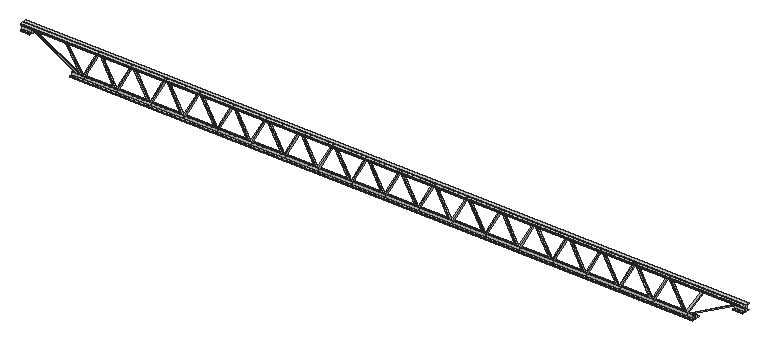
Revit family
Parameters (values of type "12K1")
  시작 간격띄우기 [instance] = 0 mm
  M = 7.4
  웹 두께 = 9.5 mm
  좌석 길이 = 100 mm
  좌석 깊이 = 63.5 mm
  렌더링 재료 = none
  PanelWidth [instance] = 깊이 * 1.155  # 352.275 mm
  PanelArrayNum [instance] = PanelArrayLength / PanelWidth  # 18
  PanelArrayLength [instance] = Length - (2 * 끝 패널)  # 6180 mm
  패널 [instance] = PanelArrayLength / PanelArrayNum  # 343.333 mm
  시작 확장 [instance] = 0 mm
  끝 패널 = 2 * 깊이  # 610 mm
  끝 간격띄우기 [instance] = 0 mm
  끝 확장 [instance] = 0 mm
  현재 다리 = 32 mm
  현재 두께 = 6.5 mm
  Assembly Code = ""
  Length [instance] = 7400 mm
  깊이 = 305 mm
Types (3, lengths in mm): name | M | PanelWidth | PanelArrayNum | PanelArrayLength | 패널 | 끝 패널 | 깊이
  (no name) | 7.4 | 352.275 | 18 | 6180 | 343.333 | 610 | 305
  12K1 | 7.4 | 352.275 | 18 | 6180 | 343.333 | 610 | 305
  8K1 | 7.6 | 234.465 | 28 | 6588 | 235.286 | 406 | 203
Reference planes
  plane 1 "중심(앞/뒤)": y = 0
  plane 2: z = 0
  plane 3 "중심(왼쪽/오른쪽)": x = 4.61
  plane 4 "왼쪽 부재": x = -2027.39
  plane 5 "오른쪽 부재": x = 2036.61
  plane 6: y = 36.75
  plane 7: y = -36.75
  plane 8: z = 152.5
  plane 9: z = -152.5
  plane 10 "왼쪽": x = -3695.39
  plane 11 "기호를 왼쪽에 부착": x = -1976.59
  plane 12 "기호를 오른쪽에 부착": x = 1985.81
  plane 13 "오른쪽": x = 3704.61
  plane 14: z = 89
  plane 15: x = -3695.39
  plane 16: x = -3595.39
  plane 17: x = -3085.39
  plane 18: x = -3185.39
  plane 19: x = 3704.61
  plane 20: x = 3604.61
  plane 21: x = 3094.61
  plane 22: y = 4.75
  plane 23: y = -4.75
  plane 24: z = 120.5
  plane 25: z = -120.5
  plane 26: x = 3194.61
  plane 27: x = -3257.057
  plane 28: x = -2913.723
  plane 29: x = 2922.943
  plane 30: x = 3266.277
  plane 31: z = -146.15
  plane 32: z = 146.15
  plane 33: z = 82.55
  plane 34: x = -3695.39
  plane 35: x = 3704.61
Forms (mm)
  Extrusion 1, solid, material <- "렌더링 재료", detail levels medium+fine
    sketch origin (4.61, 0, 0) x (0, 1, 0) y (0, 0, 1)
      loop
        line (36.75, 152.5) -> (4.75, 152.5) -> (4.75, 120.5) -> (11.25, 120.5) -> (11.25, 146) -> (36.75, 146) -> (36.75, 152.5)
      loop
        line (-36.75, 152.5) -> (-36.75, 146) -> (-11.25, 146) -> (-11.25, 120.5) -> (-4.75, 120.5) -> (-4.75, 152.5) -> (-36.75, 152.5)
    from -3700 to 3700
  Extrusion 2, solid, material <- "렌더링 재료", detail levels medium+fine
    sketch origin (4.61, 0, 0) x (0, 1, 0) y (0, 0, 1)
      loop
        line (4.75, -120.5) -> (4.75, -152.5) -> (36.75, -152.5) -> (36.75, -146) -> (11.25, -146) -> (11.25, -120.5) -> (4.75, -120.5)
      loop
        line (-4.75, -120.5) -> (-11.25, -120.5) -> (-11.25, -146) -> (-36.75, -146) -> (-36.75, -152.5) -> (-4.75, -152.5) -> (-4.75, -120.5)
    from -3190 to 3190
  Extrusion 3, solid, material <- "렌더링 재료", detail levels medium+fine
    sketch origin (4.61, 0, 0) x (0, 1, 0) y (0, 0, 1)
      loop
        line (36.75, 89) -> (36.75, 95.5) -> (11.25, 95.5) -> (11.25, 120.5) -> (4.75, 120.5) -> (4.75, 89) -> (36.75, 89)
      loop
        line (-36.75, 89) -> (-4.75, 89) -> (-4.75, 120.5) -> (-11.25, 120.5) -> (-11.25, 95.5) -> (-36.75, 95.5) -> (-36.75, 89)
    from 3600 to 3700
  Extrusion 4, solid, material <- "렌더링 재료", detail levels medium+fine
    sketch origin (4.61, 0, 0) x (0, 1, 0) y (0, 0, 1)
      loop
        line (-36.75, 89) -> (-4.75, 89) -> (-4.75, 120.5) -> (-11.25, 120.5) -> (-11.25, 95.5) -> (-36.75, 95.5) -> (-36.75, 89)
      loop
        line (4.75, 89) -> (36.75, 89) -> (36.75, 95.5) -> (11.25, 95.5) -> (11.25, 120.5) -> (4.75, 120.5) -> (4.75, 89)
    from -3700 to -3600
  Sweep 5, solid, material <- "렌더링 재료", detail levels fine
    path origin (0, 0, 0) x (1, 0, 0) y (0, 0, 1)
      loop
        line (-3277.014, 133.45) -> (-3264.314, 133.45) -> (-3085.39, -146.15)
    profile origin (-3270.664, 0, 133.45) x (0, 0, 1) y (0, -1, 0)
      loop
        line (10.007, -4.763) -> (10.007, 0) -> (-9.043, 0) -> (-9.043, -4.763) -> (10.007, -4.763)
  Sweep 6, solid, material <- "렌더링 재료", detail levels fine
    path origin (0, 0, 0) x (1, 0, 0) y (0, 0, 1)
      loop
        line (-3085.39, -146.15) -> (-3595.39, 120.5) -> (-3695.39, 120.5)
    profile "웹-프로파일1 : 웹-프로파일1" origin (-3645.39, 0, 120.5) x (0, 0, -1) y (0, -1, 0)
      loop
        line (-4.75, 4.75) -> (-4.75, -4.75) -> (4.75, -4.75) -> (4.75, 4.75) -> (-4.75, 4.75)
  Sweep 7, solid, material <- "렌더링 재료", detail levels fine
    path origin (0, 0, 0) x (1, 0, 0) y (0, 0, 1)
      loop
        line (3604.61, 120.5) -> (3094.61, -146.15)
    profile "웹-프로파일1 : 웹-프로파일1" origin (3349.61, 0, -12.825) x (0.463335, 0, -0.886183) y (0, -1, 0)
      loop
        line (-4.75, 4.75) -> (-4.75, -4.75) -> (4.75, -4.75) -> (4.75, 4.75) -> (-4.75, 4.75)
  Sweep 8, solid, material <- "렌더링 재료", detail levels fine
    path origin (0, 0, 0) x (1, 0, 0) y (0, 0, 1)
      loop
        line (3266.277, 120.5) -> (3094.61, -146.15)
    profile origin (3180.443, 0, -12.825) x (0.840821, 0, -0.541313) y (0, -1, 0)
      loop
        line (-10.565, 0) -> (-10.565, -4.763) -> (8.485, -4.763) -> (8.485, 0) -> (-10.565, 0)
Lines and regions (mm)
  symbolic lines, style "StructuralFraming", detail levels coarse
    curve 1: line (0, 36.75, 152.5) -> (0, 4.75, 152.5)
    curve 2: line (0, -36.75, -152.5) -> (0, -4.75, -152.5)
    curve 14: line (0, 4.75, -152.5) -> (0, 36.75, -152.5)
    curve 15: line (4.61, 4.75, -152.5) -> (4.61, 4.75, -120.5)
    curve 16: line (4.61, -4.75, -152.5) -> (4.61, -4.75, -120.5)
    curve 17: line (4.61, -4.75, 152.5) -> (4.61, -4.75, 120.5)
    curve 18: line (4.61, 4.75, 152.5) -> (4.61, 4.75, 120.5)
    curve 19: line (0, -4.75, 152.5) -> (0, -36.75, 152.5)
  symbolic lines, style "StructuralFraming", detail levels coarse+medium
    curve 3: line (0, 0, -152.5) -> (0, 0, 152.5)
  reference lines
    curve 4: line (-1876.59, 0, -276.008) -> (-1876.59, 0, 232.192)
    curve 5: line (-1266.59, 0, -282.358) -> (-1266.59, 0, 232.192)
    curve 7: line (1885.81, 0, -223.088) -> (1885.81, 0, 234.312)
    curve 8: line (1275.81, 0, -350.088) -> (1275.81, 0, 234.312)
  model lines, style "웹 조이스트", detail levels coarse
    curve 6: line (-1876.59, 0, 152.5) -> (-1266.59, 0, -152.5)
    curve 9: line (1885.81, 0, 152.5) -> (1275.81, 0, -152.5)
    curve 10: line (1275.81, 0, -152.5) -> (-1266.59, 0, -152.5)
    curve 11: line (1985.81, 0, 152.5) -> (-1976.59, 0, 152.5)
  model lines, style "StructuralFraming", detail levels medium
    curve 12: line (-3085.39, 0, -146.15) -> (-3256.027, 0, 120.5)
    curve 13: line (3266.277, 0, 120.5) -> (3094.61, 0, -146.15)
  symbolic lines, detail levels fine
    curve 20: line (4.61, 4.75, 146.15) -> (4.61, -4.75, 146.15)
    curve 21: line (4.61, 4.75, -146.15) -> (4.61, -4.75, -146.15)
    curve 22: line (4.61, 4.75, -120.5) -> (4.61, 4.75, 120.5)
    curve 23: line (4.61, -4.75, -120.5) -> (4.61, -4.75, 120.5)
  model lines, detail levels medium
    curve 24: line (3604.61, 0, 120.5) -> (3094.61, 0, -146.15)
    curve 25: line (-3595.39, 0, 120.5) -> (-3085.39, 0, -146.15)
Dimensions and locks
  equal spacing: plane 9, plane 2, plane 8
  "Length": plane 10 "왼쪽" to plane 13 "오른쪽"
  equal spacing: plane 10 "왼쪽", plane 3 "중심(왼쪽/오른쪽)", plane 13 "오른쪽"
  "좌석 길이": curve 4 to plane 11 "기호를 왼쪽에 부착"
  "끝 패널": curve 5 to curve 4
  "좌석 길이": curve 7 to plane 12 "기호를 오른쪽에 부착"
  "끝 패널": curve 7 to curve 8
  "깊이": plane 9 to plane 8
  "좌석 깊이": plane 8 to plane 14
  locked: plane 18 to plane 17 at 100
  "끝 패널": plane 10 "왼쪽" to plane 17
  "끝 패널": plane 13 "오른쪽" to plane 21
  "웹 두께": plane 22 to plane 23
  equal spacing: plane 22, plane 1 "중심(앞/뒤)", plane 23
  "현재 다리": plane 23 to plane 7
  "현재 다리": plane 6 to plane 22
  "현재 다리": plane 9 to plane 25
  "현재 다리": plane 24 to plane 8
  "현재 두께": plane 8 to Extrusion 1 sketch curve
  "현재 두께": Extrusion 1 sketch curve to plane 8
  "현재 두께": plane 23 to Extrusion 1 sketch curve
  "현재 두께": Extrusion 1 sketch curve to plane 22
  "현재 두께": plane 9 to Extrusion 2 sketch curve  (x2)
  "현재 두께": Extrusion 2 sketch curve to plane 22
  "현재 두께": plane 23 to Extrusion 2 sketch curve
  locked: plane 21 to plane 26 at 100
  "현재 두께": plane 14 to Extrusion 3 sketch curve  (x2)
  "현재 두께": plane 23 to Extrusion 3 sketch curve
  "현재 두께": Extrusion 3 sketch curve to plane 22
  "현재 두께": plane 14 to Extrusion 4 sketch curve  (x2)
  "현재 두께": Extrusion 4 sketch curve to plane 22
  "현재 두께": plane 23 to Extrusion 4 sketch curve
  "패널": plane 28 to plane 27
  equal spacing: plane 28, plane 17, plane 27
  "패널": plane 29 to plane 30
  equal spacing: plane 29, plane 21, plane 30
  equal spacing: Sweep 5 sketch curve, curve 4, Sweep 5 sketch curve
  Sweep 5 sketch curve to Sweep 5 sketch curve = 4.763 mm
  locked: plane 31 to plane 9 at 6.35
  locked: plane 8 to plane 32 at 6.35
  locked: plane 8 to Sweep 5 sketch curve at 19.05
  equal spacing: group 1, group 3, group 4, group 5, group 6, group 7, group 8, group 9, group 10, group 11, group 12, group 13, group 14, group 15, group 16, group 17, group 18, group 2  (x3)
  "좌석 길이": plane 34 to plane 16
  "시작 간격띄우기": plane 10 "왼쪽" to plane 34
  "시작 확장": plane 15 to plane 34
  "끝 간격띄우기": plane 35 to plane 13 "오른쪽"
  "좌석 길이": plane 35 to plane 20
  "끝 확장": plane 35 to plane 19
  aligned and locked: curve 10 to plane 9
  aligned and locked: curve 4 to curve 6
  aligned and locked: plane 11 "기호를 왼쪽에 부착" to curve 11
  aligned and locked: plane 12 "기호를 오른쪽에 부착" to curve 11
  aligned and locked: curve 8 to curve 10
  aligned and locked: plane 8 to Extrusion 1 sketch curve
  aligned and locked: Extrusion 1 sketch curve to plane 8
  aligned and locked: plane 6 to Extrusion 1 sketch curve
  aligned and locked: plane 7 to Extrusion 1 sketch curve
  aligned and locked: Extrusion 1 sketch curve to plane 24
  aligned and locked: plane 24 to Extrusion 1 sketch curve
  aligned and locked: plane 19 to Extrusion 1
  aligned and locked: plane 15 to Extrusion 1
  aligned and locked: plane 9 to Extrusion 2 sketch curve
  aligned and locked: Extrusion 2 sketch curve to plane 9
  aligned and locked: plane 6 to Extrusion 2 sketch curve
  aligned and locked: plane 7 to Extrusion 2 sketch curve
  aligned and locked: Extrusion 2 sketch curve to plane 22
  aligned and locked: Extrusion 2 sketch curve to plane 23
  aligned and locked: Extrusion 2 sketch curve to plane 25
  aligned and locked: plane 25 to Extrusion 2 sketch curve
  aligned and locked: Extrusion 2 to plane 26
  aligned and locked: plane 18 to Extrusion 2
  aligned and locked: Extrusion 3 sketch curve to plane 7
  aligned and locked: plane 14 to Extrusion 3 sketch curve
  aligned and locked: Extrusion 3 sketch curve to plane 14
  aligned and locked: Extrusion 3 sketch curve to plane 6
  aligned and locked: Extrusion 3 sketch curve to plane 23
  aligned and locked: Extrusion 3 sketch curve to plane 22
  aligned and locked: Extrusion 3 sketch curve to plane 24
  aligned and locked: plane 24 to Extrusion 3 sketch curve
  aligned and locked: plane 19 to Extrusion 3
  aligned and locked: Extrusion 3 to plane 20
  aligned and locked: plane 6 to Extrusion 4 sketch curve
  aligned and locked: Extrusion 4 sketch curve to plane 7
  aligned and locked: Extrusion 4 sketch curve to plane 22
  aligned and locked: plane 23 to Extrusion 4 sketch curve
  aligned and locked: plane 24 to Extrusion 4 sketch curve  (x2)
  aligned and locked: Extrusion 4 sketch curve to plane 14  (x2)
  aligned and locked: plane 15 to Extrusion 4
  aligned and locked: plane 16 to Extrusion 4
  aligned and locked: curve 12 to Sweep 5 sketch curve
  aligned and locked: Extrusion 2 to curve 15
  aligned and locked: curve 15 to Extrusion 2
  aligned and locked: curve 2 to curve 16
  aligned and locked: curve 16 to Extrusion 2
  aligned and locked: Extrusion 1 to curve 17
  aligned and locked: curve 17 to Extrusion 1
  aligned and locked: curve 18 to Extrusion 1  (x2)
  aligned and locked: curve 1 to Extrusion 1
  aligned and locked: nested 1 to plane 17
  aligned and locked: plane 1 "중심(앞/뒤)" to nested 1
  aligned and locked: nested 2 to plane 21
  aligned and locked: curve 13 to Sweep 8 sketch curve
  aligned and locked: curve 5 to curve 6
  aligned and locked: curve 7 to curve 9
  aligned and locked: plane 20 to curve 24
  aligned and locked: plane 24 to curve 24
  aligned and locked: plane 21 to curve 24
  aligned and locked: plane 31 to curve 24
  aligned and locked: Sweep 7 sketch curve to curve 24
  aligned and locked: plane 30 to curve 13
  aligned and locked: plane 16 to curve 25
  aligned and locked: plane 24 to curve 25
  aligned and locked: plane 17 to curve 25
  aligned and locked: plane 31 to curve 25
  aligned and locked: Sweep 6 sketch curve to curve 25
  aligned and locked: Sweep 6 sketch curve to plane 24
Automatic sketch dimensions
  plane 9 to curve 7 = 70.588 mm
  plane 9 to curve 4 = 123.508 mm
  plane 9 to curve 5 = 129.858 mm
  plane 9 to curve 8 = 197.588 mm
  curve 4 to plane 8 = 79.692 mm
  curve 5 to plane 8 = 79.692 mm
  curve 7 to plane 8 = 81.812 mm
  curve 8 to plane 8 = 81.812 mm
  Extrusion 1 sketch curve to plane 23 = 0 mm
  Extrusion 1 sketch curve to plane 22 = 0 mm
  Sweep 5 sketch curve to plane 17 = 0 mm
  Sweep 5 sketch curve to plane 31 = 0 mm
  Sweep 5 sketch curve to plane 27 = 7.257 mm
  Sweep 5 sketch curve to Sweep 5 sketch curve = 12.7 mm
  curve 14 to plane 6 = 0 mm
  curve 1 to plane 6 = 0 mm
  curve 14 to plane 9 = 0 mm
  curve 14 to plane 22 = 0 mm
  curve 1 to plane 22 = 0 mm
  curve 19 to plane 8 = 0 mm
  curve 19 to plane 23 = 0 mm
  curve 19 to plane 7 = 0 mm
  Sweep 5 sketch curve to plane 1 "중심(앞/뒤)" = 0 mm
  profile plane to Sweep 5 sketch curve = 9.043 mm
  Sweep 5 sketch curve to profile plane = 10.007 mm
  Sweep 8 sketch curve to plane 21 = 0 mm
  Sweep 8 sketch curve to plane 24 = 0 mm
  Sweep 8 sketch curve to plane 1 "중심(앞/뒤)" = 0 mm
  Sweep 8 sketch curve to plane 1 "중심(앞/뒤)" = 4.762 mm
  profile plane to Sweep 8 sketch curve = 10.565 mm
  Sweep 8 sketch curve to profile plane = 8.485 mm
  curve 2 to plane 7 = 0 mm
  curve 2 to plane 9 = 0 mm
  curve 2 to plane 23 = 0 mm
  curve 3 to plane 1 "중심(앞/뒤)" = 0 mm
  curve 3 to plane 9 = 0 mm
  curve 21 to plane 31 = 0 mm
  curve 23 to plane 25 = 0 mm
  curve 22 to plane 25 = 0 mm
  curve 18 to plane 24 = 0 mm
  curve 23 to plane 24 = 0 mm
  curve 20 to plane 32 = 0 mm
  curve 3 to plane 8 = 0 mm
  Sweep 7 sketch curve to plane 21 = 0 mm
  Sweep 7 sketch curve to plane 20 = 0 mm
  curve 12 to plane 24 = 0 mm
  curve 13 to plane 24 = 0 mm
  curve 9 to plane 8 = 0 mm
  Sweep 6 sketch curve to plane 34 = 0 mm
  Sweep 6 sketch curve to plane 17 = 0 mm
Nested families
  nested 1: "경사 웨브" at (-3085.39, 0, 0), type "경사 웨브"
  nested 2: "경사 웨브" at (2751.277, 0, 0), type "경사 웨브"
  nested 3: "경사 웨브" at (-2742.057, 0, 0), type "경사 웨브"
  nested 4: "경사 웨브" at (-2398.723, 0, 0), type "경사 웨브"
  nested 5: "경사 웨브" at (-2055.39, 0, 0), type "경사 웨브"
  nested 6: "경사 웨브" at (-1712.057, 0, 0), type "경사 웨브"
  nested 7: "경사 웨브" at (-1368.723, 0, 0), type "경사 웨브"
  nested 8: "경사 웨브" at (-1025.39, 0, 0), type "경사 웨브"
  nested 9: "경사 웨브" at (-682.057, 0, 0), type "경사 웨브"
  nested 10: "경사 웨브" at (-338.723, 0, 0), type "경사 웨브"
  nested 11: "경사 웨브" at (4.61, 0, 0), type "경사 웨브"
  nested 12: "경사 웨브" at (347.943, 0, 0), type "경사 웨브"
  nested 13: "경사 웨브" at (691.277, 0, 0), type "경사 웨브"
  nested 14: "경사 웨브" at (1034.61, 0, 0), type "경사 웨브"
  nested 15: "경사 웨브" at (1377.943, 0, 0), type "경사 웨브"
  nested 16: "경사 웨브" at (1721.277, 0, 0), type "경사 웨브"
  nested 17: "경사 웨브" at (2064.61, 0, 0), type "경사 웨브"
  nested 18: "경사 웨브" at (2407.943, 0, 0), type "경사 웨브"
Definition of nested family "경사 웨브"
  Parameters (values of type "경사 웨브")
    웹 재료 = none
    웹 두께 = 9.5 mm
    PanelHeight = 305 mm
    PanelWidth = 343.333 mm
    Assembly Code = ""
  Reference planes
    plane 1 "중심(앞/뒤)": y = 0
    plane 2: z = 0
    plane 3 "중심(왼쪽/오른쪽)": x = 0
    plane 4: x = 343.333
    plane 5: x = 171.667
    plane 6: z = -152.5
    plane 7: z = -139.8
    plane 8: z = 139.8
    plane 9: z = 152.5
    plane 10: y = -4.75
    plane 11: y = 4.75
    plane 12: z = 114.4
    plane 13: z = -114.4
  Forms (mm)
    Sweep 1, solid, material <- "웹 재료", detail levels fine
      path in 3D
        loop
          line (0, 0, -139.8) -> (6.35, 0, -139.8) -> (165.317, 0, 139.8) -> (178.017, 0, 139.8)
      profile origin (3.175, 0, -139.8) x (0, 0, 1) y (0, -1, 0)
        loop
          line (9.525, 4.75) -> (-9.525, 4.75) -> (-9.525, 0) -> (9.525, 0) -> (9.525, 4.75)
    Sweep 2, solid, material <- "웹 재료", detail levels fine
      path origin (0, 0, 0) x (1, 0, 0) y (0, 0, 1)
        loop
          line (31.748, -114.4) -> (161.832, 114.4)
      profile origin (96.79, 0, 0) x (-0.869319, 0, 0.494252) y (0, -1, 0)
        loop
          line (0, 4.763) -> (4.762, 4.763) -> (4.763, 17.463) -> (0, 17.463) -> (0, 4.763)
    Sweep 3, solid, material <- "웹 재료", detail levels fine
      path in 3D
        loop
          line (343.333, 0, -139.8) -> (336.983, 0, -139.8) -> (178.017, 0, 139.8) -> (165.317, 0, 139.8)
      profile origin (340.158, 0, -139.8) x (0, 0, -1) y (0, -1, 0)
        loop
          line (9.525, -4.75) -> (9.525, 0) -> (-9.525, 0) -> (-9.525, -4.75) -> (9.525, -4.75)
    Sweep 4, solid, material <- "웹 재료", detail levels fine
      path origin (0, 0, 0) x (1, 0, 0) y (0, 0, 1)
        loop
          line (311.585, -114.4) -> (181.501, 114.4)
      profile origin (246.543, 0, 0) x (-0.869319, 0, -0.494252) y (0, -1, 0)
        loop
          line (-4.762, -17.45) -> (0, -17.45) -> (0, -4.75) -> (-4.762, -4.75) -> (-4.762, -17.45)
  Cuts and joins
    joined: Sweep 1, Sweep 2
  Lines and regions (mm)
    model lines, style "InvisibleLines"
      curve 1: line (0, 0, -152.5) -> (0, 0, 152.5)
      curve 2: line (0, 0, 152.5) -> (343.333, 0, 152.5)
      curve 3: line (343.333, 0, 152.5) -> (343.333, 0, -152.5)
      curve 4: line (343.333, 0, -152.5) -> (0, 0, -152.5)
    model lines, style "StructuralFraming", detail levels medium
      curve 5: line (165.317, 0, 139.8) -> (178.017, 0, 139.8)
      curve 6: line (0, 0, -139.8) -> (6.35, 0, -139.8)
      curve 7: line (343.333, 0, -139.8) -> (336.983, 0, -139.8)
      curve 8: line (6.35, 0, -139.8) -> (165.317, 0, 139.8)
      curve 9: line (178.017, 0, 139.8) -> (336.983, 0, -139.8)
    sketch lines
      curve 10: line (0, 0, -139.8) -> (6.35, 0, -139.8)
      curve 11: line (6.35, 0, -139.8) -> (165.317, 0, 139.8)
      curve 12: line (165.317, 0, 139.8) -> (178.017, 0, 139.8)
      curve 13: line (343.333, 0, -139.8) -> (336.983, 0, -139.8)
      curve 14: line (178.017, 0, 139.8) -> (336.983, 0, -139.8)
      curve 15: line (165.317, 0, 139.8) -> (178.017, 0, 139.8)
  Dimensions and locks
    "PanelWidth": plane 4 to plane 3 "중심(왼쪽/오른쪽)"
    equal spacing: plane 4, plane 5, plane 3 "중심(왼쪽/오른쪽)"
    plane 7 to plane 6 = 12.7 mm
    plane 9 to plane 8 = 12.7 mm
    "PanelHeight": plane 9 to plane 6
    equal spacing: plane 9, plane 2, plane 6
    "웹 두께": plane 11 to plane 10
    equal spacing: plane 11, plane 1 "중심(앞/뒤)", plane 10
    locked: plane 9 to plane 12 at 38.1
    locked: plane 13 to plane 6 at 38.1
    locked: plane 7 to plane 6 at 12.7
    locked: curve 8 to plane 3 "중심(왼쪽/오른쪽)" at 6.35
    locked: curve 9 to plane 4 at 6.35
    curve 8 to plane 5 to curve 9 = 6.35 mm locked, 6.35 mm locked
    locked: plane 7 to Sweep 1 sketch curve at 9.525
    locked: Sweep 1 sketch curve to plane 7 at 9.525
    locked: Sweep 3 sketch curve to profile plane at 9.525
    locked: profile plane to Sweep 3 sketch curve at 9.525
    aligned and locked: plane 8 to curve 5
    aligned and locked: curve 7 to plane 7
    aligned and locked: plane 7 to curve 6
    aligned and locked: plane 9 to curve 2
    aligned and locked: plane 10 to Sweep 1 sketch curve
    aligned and locked: plane 13 to Sweep 2 sketch curve
    aligned and locked: Sweep 1 to Sweep 2 sketch curve
    aligned and locked: Sweep 2 sketch curve to profile plane
    aligned and locked: plane 1 "중심(앞/뒤)" to Sweep 3 sketch curve
    aligned and locked: plane 11 to Sweep 3 sketch curve
    aligned and locked: plane 13 to Sweep 4 sketch curve
    aligned and locked: Sweep 4 sketch curve to Sweep 3
    aligned and locked: plane 11 to Sweep 4 sketch curve
    aligned and locked: profile plane to Sweep 4 sketch curve
  Automatic sketch dimensions
    curve 1 to plane 3 "중심(왼쪽/오른쪽)" = 0 mm
    curve 3 to plane 4 = 0 mm
    curve 4 to plane 6 = 0 mm
    Sweep 1 sketch curve to profile plane = 0 mm
    Sweep 2 sketch curve to plane 12 = 0 mm
    Sweep 2 sketch curve to Sweep 2 sketch curve = 4.762 mm
    plane 1 "중심(앞/뒤)" to Sweep 2 sketch curve = 4.763 mm
    Sweep 2 sketch curve to Sweep 2 sketch curve = 12.7 mm
    Sweep 4 sketch curve to plane 12 = 0 mm
    Sweep 4 sketch curve to Sweep 4 sketch curve = 4.762 mm
    Sweep 4 sketch curve to Sweep 4 sketch curve = 12.7 mm
